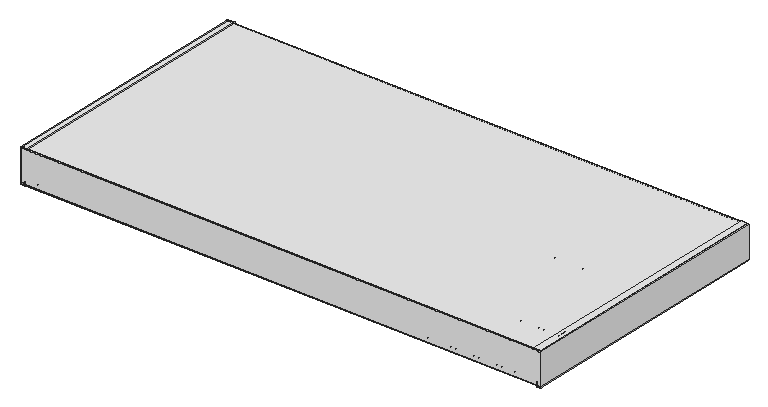
Revit family "LSTC 2x2_2x4", category Lighting Fixtures, host Ceiling, Revit 2019
Family settings
  Host = Ceiling
  Round Connector Dimension = Use Diameter
  Part Type = Normal
  OmniClass Number = 23.80.70.11.14.17
  OmniClass Title = Direct/Indirect
  Always vertical = Yes
  Cut with Voids When Loaded = No
  Light Source = Yes
  Shared = No
  Room Calculation Point = No
Parameters (values of type "LSTC2x4-LED840K041LUNV")
  Width = 1' - 11 3/4"
  Wattage = 39 W
  built-in parameter 1150110 = 1 (stored number, unit not read)
  Voltage = 120 V
  URL = "https://www.viscor.com/en/products/lstc"
  built-in parameter 1114217 = 0.9 (stored number, unit not read)
  Tilt Angle = 90.00°
  built-in parameter 1150109 = 1 (stored number, unit not read)
  built-in parameter 1150134 = 12
  built-in parameter 1150113 = 1 (stored number, unit not read)
  Reflector Width = Width / 2  # 0' - 11 7/8"
  Photometric Web File = "LSTC2X4-LED840K041LUNV-G001546.IES"
  Model = "LSTC"  # constant formula
  Manufacturer = "VISIONEERING by VISCOR"  # constant formula
  Lumens = 4251 lm
  built-in parameter 1150115 = 1 (stored number, unit not read)
  built-in parameter 1150105 = 338.28 (stored number, unit not read)
  built-in parameter 1150137 = (empty or 0)
  built-in parameter 1150139 = (empty or 0)
  Lens Finish = Acrylic - Viscor - Frosted Ribbed Linear Extruded
  Length = 3' - 11 3/4"
  Lamp Wattage = 39 VA
  built-in parameter 1150112 = 1 (stored number, unit not read)
  built-in parameter 1150114 = 1 (stored number, unit not read)
  Lamp = "LED"  # constant formula
  built-in parameter 1150132 = (empty or 0)
  built-in parameter 1150102 = (empty or 0)
  built-in parameter 1150138 = (empty or 0)
  built-in parameter 1150107 = 4000 (stored number, unit not read)
  built-in parameter 1150106 = 3.3828 (stored number, unit not read)
  Housing Finish = Metal - Viscor - White
  Emit from Rectangle Width = Width  # 1' - 11 3/4"
  Emit from Rectangle Length = Length  # 3' - 11 3/4"
  Emit Shape Visible in Rendering = no
  built-in parameter 1150104 = 10.126 (stored number, unit not read)
  Dimming Lamp Color Temperature Shift = <None>
  Description = "LED Surface  Single Tear Drop"  # constant formula
  Color Filter = 16777215
  built-in parameter 1114218 = 1 (stored number, unit not read)
  built-in parameter 1150133 = 10 (stored number, unit not read)
  Assembly Code = "D5020200"
  Apparent Load = Lamp Wattage  # 39 VA
Types (4): name | Wattage | Photometric Web File | Lumens | built-in parameter 1150105 | Length | Lamp Wattage | built-in parameter 1150106 | Emit from Rectangle Length | built-in parameter 1150104 | Apparent Load
  (no name) | 39 W | "LSTC2X4-LED840K041LUNV-G001546.IES" | 4251 lm | 338.28 (stored number, unit not read) | 3' - 11 3/4" | 39 VA | 3.3828 (stored number, unit not read) | 3' - 11 3/4" | 10.126 (stored number, unit not read) | 39 VA
  LSTC2X2-LED840K020LUNV | 18 W | "LSTC2x2-LED840K020LUNV-G003581.IES" | 2178 lm | 173.32 (stored number, unit not read) | 1' - 11 3/4" | 18 VA | 1.7332 (stored number, unit not read) | 1' - 11 3/4" | 11.241 (stored number, unit not read) | 18 VA
  LSTC2x4-LED840K041LUNV | 39 W | "LSTC2X4-LED840K041LUNV-G001546.IES" | 4251 lm | 338.28 (stored number, unit not read) | 3' - 11 3/4" | 39 VA | 3.3828 (stored number, unit not read) | 3' - 11 3/4" | 10.126 (stored number, unit not read) | 39 VA
  LSTC2x4-LED840K034LUNV | 30 W | "LSTC2X4-LED840K034LUNV-G001538.IES" | 3420 lm | 272.15 (stored number, unit not read) | 3' - 11 3/4" | 30 VA | 2.7215 (stored number, unit not read) | 3' - 11 3/4" | 10.591 (stored number, unit not read) | 30 VA
Reference planes (in)
  plane 1 "Light Source Axis (F/B)": y = 0
  plane 2 "Ceiling": z = 96
  plane 3 "Light Source Axis (L/R)": x = 0
  plane 4 "Light Source Elevation": z = 92.76562
  plane 5: y = 11.875
  plane 6: y = -11.875
  plane 7: x = -23.875
  plane 8: x = 23.875
  plane 9: y = -11.875
  plane 10 "FixtureHeight": z = 92.845
  plane 11: x = -23.8125
  plane 12: x = 23.8125
  plane 13: x = -23.438
  plane 14: x = 23.438
  plane 15: y = -11.438
  plane 16: y = 11.438
  plane 17: x = -22.875
  plane 18: x = 22.875
Forms (in)
  Extrusion 1, void
    sketch origin (0, 0, 96) x (1, 0, 0) y (0, 1, 0)
      loop
        line (-23.875, -11.875) -> (23.875, -11.875) -> (23.875, 11.875) -> (-23.875, 11.875) -> (-23.875, -11.875)
    from -3.23438 to 0.53094
  Extrusion 2, solid, material "Metal - Viscor - White" <- "Housing Finish"
    sketch origin (0, 0, 0) x (0, 1, 0) y (0, 0, 1)
      loop
        line (11.80687, 95.875) -> (-11.80513, 95.875)
        arc (-11.80513, 95.875) -> (-11.85392, 95.85479) -> (-11.87413, 95.806) r 0.069
        line (-11.87413, 95.806) -> (-11.87413, 92.944)
        arc (-11.87413, 92.944) -> (-11.85392, 92.89521) -> (-11.80513, 92.875) r 0.069
        line (-11.80513, 92.875) -> (-11.50513, 92.875)
        arc (-11.50513, 92.875) -> (-11.45634, 92.89521) -> (-11.43613, 92.944) r 0.069
        line (-11.43613, 92.944) -> (-11.43613, 93.616)
        arc (-11.43613, 93.616) -> (-11.4247, 93.64358) -> (-11.39713, 93.655) r 0.039
        line (-11.39713, 93.655) -> (-10.85013, 93.655) -> (-10.85013, 93.68625) -> (-11.39713, 93.68625)
        arc (-11.39713, 93.68625) -> (-11.4468, 93.66567) -> (-11.46738, 93.616) r 0.07025
        line (-11.46738, 93.616) -> (-11.46738, 92.944)
        arc (-11.46738, 92.944) -> (-11.47843, 92.91731) -> (-11.50513, 92.90625) r 0.03775
        line (-11.50513, 92.90625) -> (-11.80513, 92.90625)
        arc (-11.80513, 92.90625) -> (-11.83182, 92.91731) -> (-11.84288, 92.944) r 0.03775
        line (-11.84288, 92.944) -> (-11.84288, 95.806)
        arc (-11.84288, 95.806) -> (-11.83182, 95.83269) -> (-11.80513, 95.84375) r 0.03775
        line (-11.80513, 95.84375) -> (11.80687, 95.84375)
        arc (11.80687, 95.84375) -> (11.83357, 95.83269) -> (11.84462, 95.806) r 0.03775
        line (11.84462, 95.806) -> (11.84462, 92.944)
        arc (11.84462, 92.944) -> (11.83357, 92.91731) -> (11.80687, 92.90625) r 0.03775
        line (11.80687, 92.90625) -> (11.50687, 92.90625)
        arc (11.50687, 92.90625) -> (11.48018, 92.91731) -> (11.46912, 92.944) r 0.03775
        line (11.46912, 92.944) -> (11.46912, 93.616)
        arc (11.46912, 93.616) -> (11.44855, 93.66567) -> (11.39887, 93.68625) r 0.07025
        line (11.39887, 93.68625) -> (10.85188, 93.68625) -> (10.85188, 93.655) -> (11.39887, 93.655)
        arc (11.39887, 93.655) -> (11.42645, 93.64358) -> (11.43787, 93.616) r 0.039
        line (11.43787, 93.616) -> (11.43787, 92.944)
        arc (11.43787, 92.944) -> (11.45808, 92.89521) -> (11.50687, 92.875) r 0.069
        line (11.50687, 92.875) -> (11.80687, 92.875)
        arc (11.80687, 92.875) -> (11.85566, 92.89521) -> (11.87587, 92.944) r 0.069
        line (11.87587, 92.944) -> (11.87587, 95.806)
        arc (11.87587, 95.806) -> (11.85566, 95.85479) -> (11.80687, 95.875) r 0.069
    from -23.8125 to 23.8125
  Extrusion 3, solid, material "Metal - Viscor - White" <- "Housing Finish"
    sketch origin (0, 0, 0) x (1, 0, 0) y (0, 0, 1)
      loop
        arc (-23.507, 92.845) -> (-23.45821, 92.86521) -> (-23.438, 92.914) r 0.069
        line (-23.438, 92.914) -> (-23.438, 93.189) -> (-23.46925, 93.189) -> (-23.46925, 92.914)
        arc (-23.46925, 92.914) -> (-23.48031, 92.88731) -> (-23.507, 92.87625) r 0.03775
        line (-23.507, 92.87625) -> (-23.806, 92.87625)
        arc (-23.806, 92.87625) -> (-23.83269, 92.88731) -> (-23.84375, 92.914) r 0.03775
        line (-23.84375, 92.914) -> (-23.84375, 95.838)
        arc (-23.84375, 95.838) -> (-23.83269, 95.86469) -> (-23.806, 95.87575) r 0.03775
        line (-23.806, 95.87575) -> (-23.25, 95.87575) -> (-23.25, 95.907) -> (-23.806, 95.907)
        arc (-23.806, 95.907) -> (-23.85479, 95.88679) -> (-23.875, 95.838) r 0.069
        line (-23.875, 95.838) -> (-23.875, 92.914)
        arc (-23.875, 92.914) -> (-23.85479, 92.86521) -> (-23.806, 92.845) r 0.069
        line (-23.806, 92.845) -> (-23.507, 92.845)
    from -11.875 to 11.875
  Extrusion 4, solid, material "Metal - Viscor - White" <- "Housing Finish"
    sketch origin (0, 0, 0) x (-1, 0, 0) y (0, 0, -1)
      loop
        line (-23.507, -92.845) -> (-23.806, -92.845)
        arc (-23.806, -92.845) -> (-23.85479, -92.86521) -> (-23.875, -92.914) r 0.069
        line (-23.875, -92.914) -> (-23.875, -95.838)
        arc (-23.875, -95.838) -> (-23.85479, -95.88679) -> (-23.806, -95.907) r 0.069
        line (-23.806, -95.907) -> (-23.25, -95.907) -> (-23.25, -95.87575) -> (-23.806, -95.87575)
        arc (-23.806, -95.87575) -> (-23.83269, -95.86469) -> (-23.84375, -95.838) r 0.03775
        line (-23.84375, -95.838) -> (-23.84375, -92.914)
        arc (-23.84375, -92.914) -> (-23.83269, -92.88731) -> (-23.806, -92.87625) r 0.03775
        line (-23.806, -92.87625) -> (-23.507, -92.87625)
        arc (-23.507, -92.87625) -> (-23.48031, -92.88731) -> (-23.46925, -92.914) r 0.03775
        line (-23.46925, -92.914) -> (-23.46925, -93.189) -> (-23.438, -93.189) -> (-23.438, -92.914)
        arc (-23.438, -92.914) -> (-23.45821, -92.86521) -> (-23.507, -92.845) r 0.069
    from -11.875 to 11.875
  Extrusion 5, solid, material "Metal - Viscor - White" <- "Housing Finish"
    sketch origin (0, 0, 0) x (0, 1, 0) y (0, 0, 1)
      loop
        arc (11.27987, 92.875) -> (11.32866, 92.89521) -> (11.34887, 92.944) r 0.069
        line (11.34887, 92.944) -> (11.34887, 93.494)
        arc (11.34887, 93.494) -> (11.32866, 93.54279) -> (11.27987, 93.563) r 0.069
        line (11.27987, 93.563) -> (11.09887, 93.563) -> (11.09887, 93.53175) -> (11.27987, 93.53175)
        arc (11.27987, 93.53175) -> (11.30657, 93.52069) -> (11.31762, 93.494) r 0.03775
        line (11.31762, 93.494) -> (11.31762, 92.944)
        arc (11.31762, 92.944) -> (11.30657, 92.91731) -> (11.27987, 92.90625) r 0.03775
        line (11.27987, 92.90625) -> (10.85438, 92.90625) -> (10.06757, 93.19263)
        arc (10.06757, 93.19263) -> (5.80464, 94.35484) -> (1.40834, 94.79752) r 26.67927
        line (1.40834, 94.79752) -> (1.2071, 94.80103) -> (0.93986, 94.8057)
        arc (0.93986, 94.8057) -> (0.92426, 94.80937) -> (0.9116, 94.81918) r 0.03775
        line (0.9116, 94.81918) -> (0.79168, 94.96208) -> (0.76774, 94.942) -> (0.88766, 94.79909)
        arc (0.88766, 94.79909) -> (0.91081, 94.78116) -> (0.93931, 94.77445) r 0.069
        line (0.93931, 94.77445) -> (1.20656, 94.76979) -> (1.4078, 94.76627)
        arc (1.4078, 94.76627) -> (5.79894, 94.32411) -> (10.05688, 93.16326) r 26.64802
        line (10.05688, 93.16326) -> (10.84887, 92.875) -> (11.27987, 92.875)
    from -22.875 to 22.875
  Extrusion 6, solid, material "Metal - Viscor - White" <- "Housing Finish"
    sketch origin (0, 0, 92.845) x (0, 1, 0) y (-1, 0, 0)
      loop
        line (-11.3755, 23.3755) -> (-11.3755, -23.3755) -> (11.3755, -23.3755) -> (11.3755, 23.3755) -> (-11.3755, 23.3755)
      loop
        line (-10.8755, 22.875) -> (-10.8755, -22.875) -> (10.8755, -22.875) -> (10.8755, 22.875) -> (-10.8755, 22.875)
    from 0 to 0.5
  Extrusion 7, solid, material "Metal - Viscor - White" <- "Housing Finish"
    sketch origin (0, 0, 0) x (0, -1, 0) y (0, 0, -1)
      loop
        line (11.27987, -92.875) -> (10.84887, -92.875) -> (10.05688, -93.16326)
        arc (10.05688, -93.16326) -> (5.79894, -94.32411) -> (1.4078, -94.76627) r 26.64802
        line (1.4078, -94.76627) -> (1.20656, -94.76979) -> (0.93931, -94.77445)
        arc (0.93931, -94.77445) -> (0.91081, -94.78116) -> (0.88766, -94.79909) r 0.069
        line (0.88766, -94.79909) -> (0.76774, -94.942) -> (0.79168, -94.96208) -> (0.9116, -94.81918)
        arc (0.9116, -94.81918) -> (0.92426, -94.80937) -> (0.93986, -94.8057) r 0.03775
        line (0.93986, -94.8057) -> (1.2071, -94.80103) -> (1.40834, -94.79752)
        arc (1.40834, -94.79752) -> (5.80464, -94.35484) -> (10.06757, -93.19263) r 26.67927
        line (10.06757, -93.19263) -> (10.85438, -92.90625) -> (11.27987, -92.90625)
        arc (11.27987, -92.90625) -> (11.30657, -92.91731) -> (11.31762, -92.944) r 0.03775
        line (11.31762, -92.944) -> (11.31762, -93.494)
        arc (11.31762, -93.494) -> (11.30657, -93.52069) -> (11.27987, -93.53175) r 0.03775
        line (11.27987, -93.53175) -> (11.09887, -93.53175) -> (11.09887, -93.563) -> (11.27987, -93.563)
        arc (11.27987, -93.563) -> (11.32866, -93.54279) -> (11.34887, -93.494) r 0.069
        line (11.34887, -93.494) -> (11.34887, -92.944)
        arc (11.34887, -92.944) -> (11.32866, -92.89521) -> (11.27987, -92.875) r 0.069
    from -22.875 to 22.875
  Extrusion 8, solid, material "Acrylic - Viscor - Frosted Ribbed Linear Extruded" <- "Lens Finish"
    sketch origin (0, 0, 0) x (0, 1, 0) y (0, 0, 1)
      loop
        arc (0.30713, 93.14977) -> (0.54458, 93.37986) -> (0.72585, 93.65639) r 1.5
        arc (0.72585, 93.65639) -> (0.90783, 94.15131) -> (0.96962, 94.675) r 2.25
        line (0.96962, 94.675) -> (0.96962, 94.76)
        arc (0.96962, 94.76) -> (0.96376, 94.77414) -> (0.94962, 94.78) r 0.02
        line (0.94962, 94.78) -> (0.77187, 94.78) -> (0.77187, 94.97219)
        arc (0.77187, 94.97219) -> (0.78145, 94.9881) -> (0.8, 94.98707) r 0.018
        arc (0.8, 94.98707) -> (0.84415, 94.99938) -> (0.82464, 95.04085) r 0.03
        line (0.82464, 95.04085) -> (0.73705, 95.06432)
        arc (0.73705, 95.06432) -> (0.7197, 95.06087) -> (0.71187, 95.045) r 0.02
        line (0.71187, 95.045) -> (0.71187, 94.73)
        arc (0.71187, 94.73) -> (0.72066, 94.70879) -> (0.74187, 94.7) r 0.03
        line (0.74187, 94.7) -> (0.88962, 94.7)
        arc (0.88962, 94.7) -> (0.83304, 94.18207) -> (0.65464, 93.69254) r 2.17014
        arc (0.65464, 93.69254) -> (0.48302, 93.43074) -> (0.25821, 93.21289) r 1.42014
        arc (0.25821, 93.21289) -> (0.00087, 93.12486) -> (-0.25647, 93.21289) r 0.42014
        arc (-0.25647, 93.21289) -> (-0.48128, 93.43074) -> (-0.6529, 93.69254) r 1.42014
        arc (-0.6529, 93.69254) -> (-0.8313, 94.18207) -> (-0.88788, 94.7) r 2.17014
        line (-0.88788, 94.7) -> (-0.74013, 94.7)
        arc (-0.74013, 94.7) -> (-0.71891, 94.70879) -> (-0.71013, 94.73) r 0.03
        line (-0.71013, 94.73) -> (-0.71013, 95.045)
        arc (-0.71013, 95.045) -> (-0.71795, 95.06087) -> (-0.7353, 95.06432) r 0.02
        line (-0.7353, 95.06432) -> (-0.82289, 95.04085)
        arc (-0.82289, 95.04085) -> (-0.8424, 94.99938) -> (-0.79825, 94.98707) r 0.03
        arc (-0.79825, 94.98707) -> (-0.77971, 94.9881) -> (-0.77013, 94.97219) r 0.018
        line (-0.77013, 94.97219) -> (-0.77013, 94.78) -> (-0.94788, 94.78)
        arc (-0.94788, 94.78) -> (-0.96202, 94.77414) -> (-0.96788, 94.76) r 0.02
        line (-0.96788, 94.76) -> (-0.96788, 94.675)
        arc (-0.96788, 94.675) -> (-0.90609, 94.15131) -> (-0.7241, 93.65639) r 2.25
        arc (-0.7241, 93.65639) -> (-0.54283, 93.37986) -> (-0.30538, 93.14977) r 1.5
        arc (-0.30538, 93.14977) -> (0.00087, 93.045) -> (0.30713, 93.14977) r 0.5
    from -22.875 to 22.875
  Extrusion 9, solid, material "Metal - Viscor - White" <- "Housing Finish"
    sketch origin (0, 0, 0) x (0, 1, 0) y (0, 0, 1)
      loop
        arc (-9.30513, 95.845) -> (-9.34968, 95.82655) -> (-9.36813, 95.782) r 0.063
        line (-9.36813, 95.782) -> (-9.36813, 94.609)
        arc (-9.36813, 94.609) -> (-9.37955, 94.58142) -> (-9.40713, 94.57) r 0.039
        line (-9.40713, 94.57) -> (-11.84413, 94.57) -> (-11.84413, 94.53875) -> (-9.40713, 94.53875)
        arc (-9.40713, 94.53875) -> (-9.35745, 94.55933) -> (-9.33688, 94.609) r 0.07025
        line (-9.33688, 94.609) -> (-9.33688, 95.782)
        arc (-9.33688, 95.782) -> (-9.32758, 95.80445) -> (-9.30513, 95.81375) r 0.03175
        line (-9.30513, 95.81375) -> (-8.61813, 95.81375) -> (-8.61813, 95.845) -> (-9.30513, 95.845)
    from -23.438 to 23.438
Dimensions and locks (in)
  equal spacing: host sketch curve, plane 3 "Light Source Axis (L/R)", host sketch curve
  equal spacing: host sketch curve, plane 1 "Light Source Axis (F/B)", host sketch curve
  host sketch curve to host sketch curve = 10' - 0"  (x2)
  equal spacing: plane 7, plane 3 "Light Source Axis (L/R)", plane 8
  "Length": plane 7 to plane 8
  equal spacing: plane 5, plane 1 "Light Source Axis (F/B)", plane 6
  "Width": plane 5 to plane 6
  plane 4 "Light Source Elevation" to plane 2 "Ceiling" = 0' - 3 15/64"
  locked: plane 2 "Ceiling" to plane 10 "FixtureHeight" at 3.155
  locked: plane 7 to plane 11 at 0.0625
  locked: plane 12 to plane 8 at 0.0625
  plane 1 "Light Source Axis (F/B)" to Extrusion 5 = 0' - 11.34887"
  locked: plane 7 to plane 13 at 0.437
  locked: plane 14 to plane 8 at 0.437
  locked: plane 15 to plane 9 at 0.437
  locked: plane 5 to plane 16 at 0.437
  Extrusion 2 to Extrusion 6 sketch curve to Extrusion 6 sketch curve = 0' - 0.06063", 1' - 10.751"
  locked: plane 13 to plane 17 at 0.563
  locked: plane 18 to plane 14 at 0.563
  aligned and locked: plane 3 "Light Source Axis (L/R)" to imposter light
  aligned and locked: plane 1 "Light Source Axis (F/B)" to imposter light
  aligned and locked: plane 4 "Light Source Elevation" to imposter light
  aligned and locked: Extrusion 1 to imposter light
  aligned and locked: Extrusion 1 to plane 7
  aligned and locked: plane 8 to Extrusion 1
  aligned and locked: Extrusion 2 to plane 11
  aligned and locked: plane 12 to Extrusion 2
  aligned and locked: plane 5 to Extrusion 3
  aligned and locked: Extrusion 3 to plane 9
  aligned and locked: plane 5 to Extrusion 4
  aligned and locked: Extrusion 4 to plane 9
  aligned and locked: Extrusion 5 to Extrusion 6  (x2)
  aligned and locked: Extrusion 5 to Extrusion 7
  aligned and locked: Extrusion 7 to Extrusion 5
  aligned and locked: plane 17 to Extrusion 6
  aligned and locked: Extrusion 6 to plane 18
  aligned and locked: Extrusion 8 to plane 17
  aligned and locked: plane 18 to Extrusion 8
  aligned and locked: Extrusion 9 to plane 13
  aligned and locked: plane 14 to Extrusion 9
Automatic sketch dimensions
  Extrusion 1 sketch curve to plane 5 = 0' - 0"
  Extrusion 1 sketch curve to plane 7 = 0' - 0"
  Extrusion 1 sketch curve to plane 8 = 0' - 0"
  Extrusion 1 sketch curve to plane 6 = 0' - 0"
  Extrusion 2 sketch curve to Extrusion 2 sketch curve = 0' - 0"  (x16)
  plane 6 to Extrusion 2 sketch curve = 0' - 0.00087"
  Extrusion 2 sketch curve to Extrusion 2 sketch curve = 0' - 0 1/32"
  Extrusion 2 sketch curve to Extrusion 2 sketch curve = 0' - 0.03775"  (x2)
  plane 6 to Extrusion 2 sketch curve = 0' - 0.06987"
  Extrusion 2 sketch curve to plane 15 = 0' - 0.06713"
  Extrusion 2 sketch curve to plane 15 = 0' - 0.02938"
  plane 15 to Extrusion 2 sketch curve = 0' - 0.04087"
  Extrusion 2 sketch curve to Extrusion 2 sketch curve = 0' - 0.54699"
  Extrusion 2 sketch curve to plane 16 = 0' - 0.58612"
  Extrusion 2 sketch curve to plane 16 = 0' - 0.03913"
  Extrusion 2 sketch curve to plane 16 = 0' - 0.00013"
  Extrusion 2 sketch curve to plane 5 = 0' - 0.06813"  (x2)
  Extrusion 2 sketch curve to plane 5 = 0' - 0.03038"
  plane 10 "FixtureHeight" to Extrusion 2 sketch curve = 0' - 0.03"  (x2)
  Extrusion 2 sketch curve to Extrusion 2 sketch curve = 0' - 0.672"  (x2)
  Extrusion 2 sketch curve to plane 2 "Ceiling" = 0' - 0.194"
  Extrusion 3 sketch curve to Extrusion 3 sketch curve = 0' - 0"  (x6)
  Extrusion 3 sketch curve to plane 7 = 0' - 0"
  Extrusion 3 sketch curve to plane 10 "FixtureHeight" = 0' - 0"
  Extrusion 3 sketch curve to plane 13 = 0' - 0"
  plane 7 to Extrusion 3 sketch curve = 0' - 0 1/32"
  plane 11 to Extrusion 3 sketch curve = 0' - 0.0065"  (x2)
  Extrusion 3 sketch curve to Extrusion 3 sketch curve = 0' - 0.03775"
  Extrusion 3 sketch curve to plane 2 "Ceiling" = 0' - 0.093"
  plane 13 to Extrusion 3 sketch curve = 0' - 0.188"
  Extrusion 3 sketch curve to Extrusion 3 sketch curve = 0' - 0.275"
  Extrusion 4 sketch curve to Extrusion 4 sketch curve = 0' - 0"  (x6)
  Extrusion 4 sketch curve to plane 8 = 0' - 0"
  Extrusion 4 sketch curve to plane 10 "FixtureHeight" = 0' - 0"
  Extrusion 4 sketch curve to plane 14 = 0' - 0"
  plane 8 to Extrusion 4 sketch curve = 0' - 0 1/32"
  plane 12 to Extrusion 4 sketch curve = 0' - 0.0065"  (x2)
  Extrusion 4 sketch curve to Extrusion 4 sketch curve = 0' - 0.03775"
  plane 2 "Ceiling" to Extrusion 4 sketch curve = 0' - 0.093"
  plane 14 to Extrusion 4 sketch curve = 0' - 0.188"
  Extrusion 4 sketch curve to Extrusion 4 sketch curve = 0' - 0.275"
  Extrusion 5 sketch curve to Extrusion 5 sketch curve = 0' - 0"  (x8)
  Extrusion 5 sketch curve to plane 1 "Light Source Axis (F/B)" = 0' - 0.76774"
  Extrusion 5 sketch curve to Extrusion 5 sketch curve = 0' - 0.02394"  (x2)
  Extrusion 5 sketch curve to Extrusion 5 sketch curve = 0' - 0.11992"
  Extrusion 5 sketch curve to Extrusion 5 sketch curve = 0' - 0.02771"
  Extrusion 5 sketch curve to Extrusion 5 sketch curve = 0' - 0.00055"  (x3)
  Extrusion 5 sketch curve to Extrusion 5 sketch curve = 0' - 0.00066"
  Extrusion 5 sketch curve to plane 1 "Light Source Axis (F/B)" = 0' - 0.94272"
  Extrusion 5 sketch curve to Extrusion 5 sketch curve = 0' - 0.26724"
  Extrusion 5 sketch curve to Extrusion 5 sketch curve = 0' - 0.20124"
  plane 10 "FixtureHeight" to Extrusion 5 sketch curve = 0' - 0.31826"
  Extrusion 5 sketch curve to plane 16 = 0' - 1.38112"
  plane 10 "FixtureHeight" to Extrusion 5 sketch curve = 0' - 0.34763"
  Extrusion 5 sketch curve to Extrusion 5 sketch curve = 0' - 0.01069"
  plane 10 "FixtureHeight" to Extrusion 5 sketch curve = 0' - 0.03"
  Extrusion 5 sketch curve to plane 16 = 0' - 0.58913"
  plane 10 "FixtureHeight" to Extrusion 5 sketch curve = 0' - 0.06125"
  Extrusion 5 sketch curve to Extrusion 5 sketch curve = 0' - 0.00551"
  Extrusion 5 sketch curve to plane 16 = 0' - 0.33913"
  Extrusion 5 sketch curve to plane 16 = 0' - 0.15813"  (x2)
  Extrusion 5 sketch curve to Extrusion 5 sketch curve = 0' - 0.03775"
  plane 4 "Light Source Elevation" to Extrusion 5 sketch curve = 2' - 0.64331"
  Extrusion 5 sketch curve to Extrusion 5 sketch curve = 0' - 0.55"
  Extrusion 5 sketch curve to Extrusion 5 sketch curve = 0' - 0.00351"
  Extrusion 5 sketch curve to Extrusion 5 sketch curve = 0' - 0.00466"
  Extrusion 5 sketch curve to Extrusion 5 sketch curve = 0' - 0.02464"
  Extrusion 5 sketch curve to Extrusion 5 sketch curve = 0' - 0 1/32"  (x2)
  plane 15 to Extrusion 6 sketch curve = 0' - 0 9/16"
  Extrusion 6 sketch curve to plane 16 = 0' - 0 9/16"
  Extrusion 6 sketch curve to plane 14 = 0' - 0 1/16"
  Extrusion 6 sketch curve to plane 14 = 0' - 0.563"
  plane 13 to Extrusion 6 sketch curve = 0' - 0.563"
  plane 13 to Extrusion 6 sketch curve = 0' - 0 1/16"
  Extrusion 7 sketch curve to Extrusion 7 sketch curve = 0' - 0"  (x8)
  Extrusion 7 sketch curve to plane 1 "Light Source Axis (F/B)" = 0' - 0.76774"
  Extrusion 7 sketch curve to Extrusion 7 sketch curve = 0' - 0.02394"  (x2)
  Extrusion 7 sketch curve to Extrusion 7 sketch curve = 0' - 0.11992"
  Extrusion 7 sketch curve to Extrusion 7 sketch curve = 0' - 0.02771"
  Extrusion 7 sketch curve to Extrusion 7 sketch curve = 0' - 0.00055"  (x3)
  Extrusion 7 sketch curve to Extrusion 7 sketch curve = 0' - 0.00066"
  Extrusion 7 sketch curve to plane 1 "Light Source Axis (F/B)" = 0' - 0.94272"
  Extrusion 7 sketch curve to Extrusion 7 sketch curve = 0' - 0.26724"
  Extrusion 7 sketch curve to Extrusion 7 sketch curve = 0' - 0.20124"
  Extrusion 7 sketch curve to plane 10 "FixtureHeight" = 0' - 0.31826"
  Extrusion 7 sketch curve to plane 15 = 0' - 1.38112"
  Extrusion 7 sketch curve to plane 10 "FixtureHeight" = 0' - 0.34763"
  Extrusion 7 sketch curve to Extrusion 7 sketch curve = 0' - 0.01069"
  Extrusion 7 sketch curve to plane 10 "FixtureHeight" = 0' - 0.03"
  Extrusion 7 sketch curve to plane 15 = 0' - 0.58913"
  Extrusion 7 sketch curve to plane 10 "FixtureHeight" = 0' - 0.06125"
  Extrusion 7 sketch curve to Extrusion 7 sketch curve = 0' - 0.00551"
  Extrusion 7 sketch curve to plane 15 = 0' - 0.33913"
  Extrusion 7 sketch curve to plane 15 = 0' - 0.15813"  (x2)
  Extrusion 7 sketch curve to Extrusion 7 sketch curve = 0' - 0.03775"
  Extrusion 7 sketch curve to plane 4 "Light Source Elevation" = 2' - 0.64331"
  Extrusion 7 sketch curve to Extrusion 7 sketch curve = 0' - 0.55"
  Extrusion 7 sketch curve to Extrusion 7 sketch curve = 0' - 0.00351"
  Extrusion 7 sketch curve to Extrusion 7 sketch curve = 0' - 0.00466"
  Extrusion 7 sketch curve to Extrusion 7 sketch curve = 0' - 0.02464"
  Extrusion 7 sketch curve to Extrusion 7 sketch curve = 0' - 0 1/32"  (x2)
  plane 1 "Light Source Axis (F/B)" to Extrusion 8 sketch curve = 0' - 0.61164"
  Extrusion 8 sketch curve to plane 1 "Light Source Axis (F/B)" = 0' - 0.00087"
  plane 10 "FixtureHeight" to Extrusion 8 sketch curve = 0' - 0.7"
  Extrusion 8 sketch curve to Extrusion 8 sketch curve = 0' - 0.79046"
  plane 1 "Light Source Axis (F/B)" to Extrusion 8 sketch curve = 0' - 0.30538"
  plane 10 "FixtureHeight" to Extrusion 8 sketch curve = 0' - 0.30477"
  Extrusion 8 sketch curve to Extrusion 8 sketch curve = 0' - 0"  (x14)
  Extrusion 8 sketch curve to Extrusion 8 sketch curve = 0' - 0.41872"  (x2)
  Extrusion 8 sketch curve to Extrusion 8 sketch curve = 0' - 0.66874"
  Extrusion 8 sketch curve to Extrusion 8 sketch curve = 0' - 0.35624"
  Extrusion 8 sketch curve to Extrusion 8 sketch curve = 0' - 0 5/16"  (x2)
  Extrusion 8 sketch curve to Extrusion 8 sketch curve = 0' - 0.085"  (x2)
  Extrusion 8 sketch curve to Extrusion 8 sketch curve = 0' - 0.02"  (x2)
  Extrusion 8 sketch curve to Extrusion 8 sketch curve = 0' - 0.17775"
  Extrusion 8 sketch curve to Extrusion 8 sketch curve = 0' - 0.018"  (x2)
  Extrusion 8 sketch curve to Extrusion 8 sketch curve = 0' - 0.19219"
  Extrusion 8 sketch curve to Extrusion 8 sketch curve = 0' - 0.01012"  (x2)
  Extrusion 8 sketch curve to Extrusion 8 sketch curve = 0' - 0.01688"  (x2)
  Extrusion 8 sketch curve to Extrusion 8 sketch curve = 0' - 0.00776"  (x2)
  Extrusion 8 sketch curve to Extrusion 8 sketch curve = 0' - 0.08759"
  Extrusion 8 sketch curve to Extrusion 8 sketch curve = 0' - 0.02347"
  Extrusion 8 sketch curve to Extrusion 8 sketch curve = 0' - 0.00518"
  Extrusion 8 sketch curve to Extrusion 8 sketch curve = 0' - 0.01932"  (x2)
  Extrusion 8 sketch curve to Extrusion 8 sketch curve = 0' - 0.05"
  Extrusion 8 sketch curve to Extrusion 8 sketch curve = 0' - 0.03"  (x3)
  Extrusion 8 sketch curve to Extrusion 8 sketch curve = 0' - 0.08"  (x2)
  Extrusion 8 sketch curve to Extrusion 8 sketch curve = 0' - 0.0712"  (x2)
  Extrusion 8 sketch curve to Extrusion 8 sketch curve = 0' - 0.025"
  Extrusion 8 sketch curve to Extrusion 8 sketch curve = 0' - 0.14775"
  Extrusion 8 sketch curve to Extrusion 8 sketch curve = 0' - 0.265"
  Extrusion 8 sketch curve to Extrusion 8 sketch curve = 0' - 0.07281"
  Extrusion 8 sketch curve to Extrusion 8 sketch curve = 0' - 0.02518"
  Extrusion 8 sketch curve to Extrusion 8 sketch curve = 0' - 0.04891"  (x2)
  Extrusion 9 sketch curve to Extrusion 9 sketch curve = 0' - 0"  (x4)
  plane 15 to Extrusion 9 sketch curve = 0' - 2.03087"
  Extrusion 9 sketch curve to plane 2 "Ceiling" = 0' - 0.218"
  Extrusion 9 sketch curve to Extrusion 9 sketch curve = 0' - 0.039"
  Extrusion 9 sketch curve to Extrusion 9 sketch curve = 0' - 0 1/32"
  Extrusion 9 sketch curve to Extrusion 9 sketch curve = 0' - 0.03175"
  Extrusion 9 sketch curve to Extrusion 9 sketch curve = 0' - 0.687"
  Extrusion 9 sketch curve to Extrusion 9 sketch curve = 0' - 1.173"
  plane 6 to Extrusion 9 sketch curve = 0' - 0.03087"
Connectors (in)
  electrical at (0, 0, 92.845), driven by "Voltage", driven by "Lamp Wattage"
    settings: on Extrusion 6, index 1, voltage 120 V, apparent load 0 VA, apparent load phase1 39 VA, apparent load phase2 0 VA, apparent load phase3 0 VA, power factor 1, load classification "Other", number of poles 1, system type 31, power factor state 1, is connector primary yes, connector utility no, sub classification motor no, connector description ""
